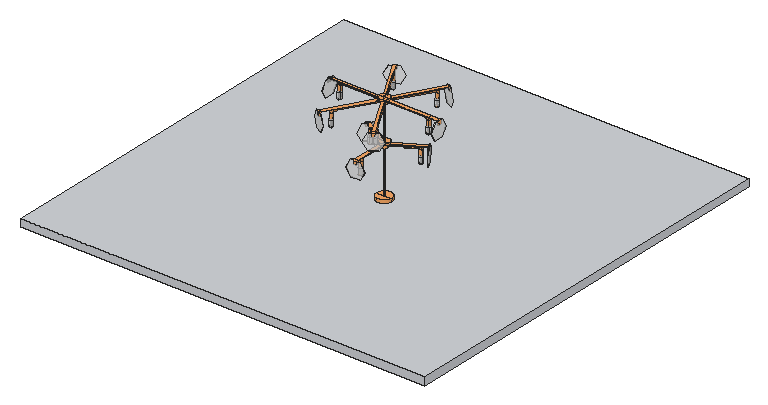
Revit family "P400217-109", category Lighting Fixtures, host Face, Revit 2014
Parameters (values of type "P400217-109")
  Watts = 60 W
  Wattage Comments = "60W"
  Warranty = "1 year Warranty"  # constant formula
  Voltage = 120 V
  URL = "https://www.hubbell.com/progresslighting/en"
  Steel = Paint - Hubbell - Matte White
  Product Link = "https://www.hubbell.com/progresslighting/en/Products/Lighting-Controls/Design-Series/Chandeliers/Rae-Collection-Nine-Light-Chandelier/p/3980544"
  Product Documentation Link = "https://hubbellcdn.com/specsheet/PROG_P400217-109_spec.pdf"
  Power Factor = 1
  Model = "P400217-109"  # constant formula
  Manufacturer = "Progress Lighting"  # constant formula
  Load Classification = Lighting
  Gold = Hubbell - Gold
  Glass = Paint - Hubbell - White Texture
  Width = 6.00"
  Lamp = "LED or Medium Base"  # constant formula
  Housing Material = Hubbell - Gold
  Fixture distribution = "Direct"  # constant formula
  Features = "• Sculpted hand artisan frame.\r\n• Glowing golden brushed bronze finish.\r\n• Geometric white alabaster shades.\r\n• Ideal for any dining room, kitchen, or foyer.\r\n• Perfect for luxe, mid-century modern, and modern style settings.\r\n• 1-Year Limited Warranty\r\n• For optimal illumination, use nine candelabra base bulbs (60w max - LED or incandescent)\r\n• Fully dimmable with dimmable bulbs\r\n• Able to be fully dimmable with dimmable bulbs.\r\n• Includes installation instructions and mounting hardware.\r\n• Progress Lighting products are designed for exceptional quality, reliability, and functionality."  # constant formula
  Height = 26.50"
  Description = "Execute bold visions and design statements with the Rae Collection’s Nine\r\nLight Chandelier. A blend of geometric shapes and a sculpted hand artisan\r\nframe allows this light fixture to double as a stunning work of art. A glowing golden finish brings this modern chandelier to life for an awe-inspiring\r\nlighting experience guaranteed to spark conversation amongst your gazing\r\nguests."  # constant formula
  Default Elevation = 48.00"
  Copyright = " ©2020 Progress Lighting, a division of Hubbell Lighting, Inc"  # constant formula
  Contact = "https://www.hubbell.com/progresslighting/en/contactUs"
  Connector Description = ""
  Assembly Code = "D5020200"
  Apparent Load = Watts / Power Factor  # 60 VA
Reference planes (in)
  plane 1 "Center (Front/Back)": y = 0
  plane 2: z = 0.5561
  plane 3 "Center (Left/Right)": x = 0
  plane 4: x = 13.44
  plane 5: x = -13.44
  plane 6: y = -13.44
  plane 7: y = 13.44
Forms (in)
  Extrusion 1, solid
    sketch origin (0, 0, 0) x (1, 0, 0) y (0, 1, 0)
      loop
        line (-48, 48) -> (-48, -48) -> (48, -48) -> (48, 48) -> (-48, 48)
    from 0.5561 to -1.25
  Revolve 2, solid, material "Hubbell - Gold" <- "Housing Material"
    sketch origin (0.00307, -0.00024, 29.51348) x (-1, 0, 0) y (0, 0, -1)
      loop
        line (0.17323, 8.50425) -> (0.17323, 16.73429) -> (1.2407, 16.73429) -> (1.2407, 16.89054) -> (0.7407, 16.89054) -> (0.7407, 17.85929) -> (0.17323, 17.85929) -> (0.17323, 28.32545) -> (1.75307, 28.32545) -> (1.75307, 28.95738) -> (0, 28.95738) -> (0, 7.26121) -> (0.1084, 7.26121) -> (0.1084, 7.37925) -> (1.2407, 7.37925) -> (1.2407, 7.5355) -> (0.7407, 7.5355) -> (0.7407, 8.50425) -> (0.17323, 8.50425)
      axis (0, 28.95738) -> (0, 7.26121)
    angle from 0 to 360
  Revolve 3, solid, material "Hubbell - Gold" <- "Housing Material"
    sketch origin (6.47922, 2.93918, 1.5625) x (0.809017, -0.587785, 0) y (0, 0, -1)
      loop
        line (5.38569, -19.49992) -> (5.38569, -18.32394) -> (5.30384, -18.32394) -> (5.30384, -18.16231) -> (5.03246, -18.16231) -> (5.03246, -20.08618) -> (5.30533, -20.08618) -> (5.30533, -19.49992) -> (5.38569, -19.49992)
      axis (5.03246, -20.08618) -> (5.03246, -18.16231)
    angle from 0 to 360
  Revolve 4, solid, material "Paint - Hubbell - White Texture" <- "Glass"
    sketch origin (6.47922, 2.93918, 0.9375) x (0.809017, -0.587785, 0) y (0, 0, -1)
      loop
        line (5.03246, -18.78731) -> (5.23875, -18.78731)
        arc (5.23875, -18.78731) -> (5.42026, -18.72531) -> (5.52593, -18.56522) r 0.29672
        line (5.52593, -18.56522) -> (5.52593, -17.17424)
        arc (5.52593, -17.17424) -> (5.50236, -17.09223) -> (5.43884, -17.03526) r 0.15444
        arc (5.43884, -17.03526) -> (5.24045, -16.95736) -> (5.03246, -16.91084) r 1.38418
        line (5.03246, -16.91084) -> (5.03246, -18.78731)
      axis (5.03246, -18.78731) -> (5.03246, -16.91084)
    angle from 0 to 360
  Revolve 5, solid, material "Hubbell - Gold" <- "Gold"
    sketch origin (6.47922, 2.93918, 0.9375) x (0.809017, -0.587785, 0) y (0, 0, -1)
      loop
        line (5.03246, -18.78731) -> (5.18492, -18.78731) -> (5.18492, -18.47069)
        arc (5.18492, -18.47069) -> (5.1355, -18.45022) -> (5.11503, -18.40079) r 0.06989
        arc (5.11503, -18.40079) -> (5.12069, -18.36314) -> (5.13717, -18.32881) r 0.1281
        arc (5.13717, -18.32881) -> (5.13812, -18.31157) -> (5.12333, -18.30267) r 0.01673
        line (5.12333, -18.30267) -> (5.03246, -18.30267) -> (5.03246, -18.78731)
      axis (5.03246, -18.78731) -> (5.03246, -18.30267)
    angle from 0 to 360
  Sweep 6, solid, material "Hubbell - Gold" <- "Gold"
    path origin (6.47922, 2.93918, 0.9375) x (0.809017, -0.587785, 0) y (0, 0, -1)
      loop
        line (5.08455, -18.29601) -> (5.32306, -17.06897)
    profile origin (10.68919, -0.11954, 18.61999) x (-0.794153, 0.576986, -0.190809) y (0.587785, 0.809017, 0)
      loop
        circle (0, 0.00555) r 0.031
  Sweep 7, solid, material "Hubbell - Gold" <- "Gold"
    path origin (10.02568, -5.02629, 0.9375) x (0.104528, 0.994522, 0) y (0, 0, -1)
      loop
        line (5.08455, -18.29601) -> (5.32306, -17.06897)
    profile origin (10.56962, 0.14901, 18.61999) x (-0.102608, -0.97625, -0.190809) y (-0.994522, 0.104528, 0)
      loop
        circle (0, 0.00555) r 0.031
  Sweep 8, solid, material "Hubbell - Gold" <- "Gold"
    path origin (15.15542, 2.01727, 0.9375) x (-0.913545, -0.406737, 0) y (0, 0, -1)
      loop
        line (5.08455, -18.29601) -> (5.32306, -17.06897)
    profile origin (10.40151, -0.09931, 18.61999) x (0.896761, 0.399264, -0.190809) y (0.406737, -0.913545, 0)
      loop
        circle (0, 0.00555) r 0.031
  Sweep 9, solid, material "Hubbell - Gold" <- "Housing Material"
    path origin (-0.125, 0, -3.875) x (-1, 0, 0) y (0, 0, 1)
      loop
        line (-0.69827, 25.23016) -> (-10.44827, 25.23016)
    profile origin (5.44827, 0, 21.35516) x (0, 0, -1) y (0, 1, 0)
      loop
        circle (0, 0) r 0.1
  Sweep 10, solid, material "Hubbell - Gold" <- "Housing Material"
    path origin (0, 0, 0) x (1, 0, 0) y (0, 0, 1)
      loop
        line (0.75, 21.75923) -> (12.84955, 21.75923)
        arc (12.84955, 21.75923) -> (12.95594, 21.71516) -> (13, 21.60878) r 0.15045
        line (13, 21.60878) -> (13, 20.50923)
    profile origin (6.79978, 0, 21.75923) x (0, 0, 1) y (0, -1, 0)
      loop
        line (0, -0.44104) -> (0.06403, -0.44104) -> (0.06403, 0.44104) -> (0, 0.44104) -> (0, -0.44104)
  Extrusion 11, void
    sketch origin (0, 0, 0.17188) x (0, 1, 0) y (0, 0, 1)
      loop
        line (0.65123, 21.4163) -> (0.44104, 21.4163) -> (0.28736, 20.75066) -> (0, 20.75066) -> (-0.28736, 20.75066) -> (-0.44104, 21.4163) -> (-0.65123, 21.4163) -> (-0.65123, 20.26308) -> (0, 20.26308) -> (0.65123, 20.26308) -> (0.65123, 21.4163)
    from 13 to 13.06403
  Extrusion 12, solid, material "Paint - Hubbell - White Texture" <- "Glass"
    sketch origin (0, 0, 0) x (0, 1, 0) y (0, 0, 1)
      loop
        line (-1.11539, 21.60658) -> (-2.23118, 19.67397) -> (-1.11539, 17.74136) -> (1.11619, 17.74136) -> (2.23199, 19.67397) -> (1.11619, 21.60658) -> (-1.11539, 21.60658)
    from 12.91346 to 13
  Extrusion 13, solid, material "Hubbell - Gold" <- "Housing Material"
    sketch origin (0, 0, 0) x (0, 1, 0) y (0, 0, 1)
      loop
        circle (0, 21.52198) r 0.04543
      loop
        circle (0, 21.32284) r 0.04543
    from 12.83751 to 13
  Revolve 14, solid, material "Hubbell - Gold" <- "Housing Material"
    sketch origin (5.78502, -4.14158, 1.5625) x (-0.104528, -0.994522, 0) y (0, 0, -1)
      loop
        line (5.38569, -19.49992) -> (5.38569, -18.32394) -> (5.30384, -18.32394) -> (5.30384, -18.16231) -> (5.03246, -18.16231) -> (5.03246, -20.08618) -> (5.30533, -20.08618) -> (5.30533, -19.49992) -> (5.38569, -19.49992)
      axis (5.03246, -20.08618) -> (5.03246, -18.16231)
    angle from 0 to 360
  Revolve 15, solid, material "Paint - Hubbell - White Texture" <- "Glass"
    sketch origin (5.78502, -4.14158, 0.9375) x (-0.104528, -0.994522, 0) y (0, 0, -1)
      loop
        line (5.03246, -18.78731) -> (5.23875, -18.78731)
        arc (5.23875, -18.78731) -> (5.42026, -18.72531) -> (5.52593, -18.56522) r 0.29672
        line (5.52593, -18.56522) -> (5.52593, -17.17424)
        arc (5.52593, -17.17424) -> (5.50236, -17.09223) -> (5.43884, -17.03526) r 0.15444
        arc (5.43884, -17.03526) -> (5.24045, -16.95736) -> (5.03246, -16.91084) r 1.38418
        line (5.03246, -16.91084) -> (5.03246, -18.78731)
      axis (5.03246, -18.78731) -> (5.03246, -16.91084)
    angle from 0 to 360
  Revolve 16, solid, material "Hubbell - Gold" <- "Gold"
    sketch origin (5.78502, -4.14158, 0.9375) x (-0.104528, -0.994522, 0) y (0, 0, -1)
      loop
        line (5.03246, -18.78731) -> (5.18492, -18.78731) -> (5.18492, -18.47069)
        arc (5.18492, -18.47069) -> (5.1355, -18.45022) -> (5.11503, -18.40079) r 0.06989
        arc (5.11503, -18.40079) -> (5.12069, -18.36314) -> (5.13717, -18.32881) r 0.1281
        arc (5.13717, -18.32881) -> (5.13812, -18.31157) -> (5.12333, -18.30267) r 0.01673
        line (5.12333, -18.30267) -> (5.03246, -18.30267) -> (5.03246, -18.78731)
      axis (5.03246, -18.78731) -> (5.03246, -18.30267)
    angle from 0 to 360
  Sweep 17, solid, material "Hubbell - Gold" <- "Gold"
    path origin (5.78502, -4.14158, 0.9375) x (-0.104528, -0.994522, 0) y (0, 0, -1)
      loop
        line (5.08455, -18.29601) -> (5.32306, -17.06897)
    profile origin (5.24107, -9.31687, 18.61999) x (0.102608, 0.97625, -0.190809) y (0.994522, -0.104528, 0)
      loop
        circle (0, 0.00555) r 0.031
  Sweep 18, solid, material "Hubbell - Gold" <- "Gold"
    path origin (0.65994, -11.19563, 0.9375) x (0.913545, 0.406737, 0) y (0, 0, -1)
      loop
        line (5.08455, -18.29601) -> (5.32306, -17.06897)
    profile origin (5.41386, -9.07906, 18.61999) x (-0.896761, -0.399264, -0.190809) y (-0.406737, 0.913545, 0)
      loop
        circle (0, 0.00555) r 0.031
  Sweep 19, solid, material "Hubbell - Gold" <- "Gold"
    path origin (9.32472, -12.11635, 0.9375) x (-0.809017, 0.587785, 0) y (0, 0, -1)
      loop
        line (5.08455, -18.29601) -> (5.32306, -17.06897)
    profile origin (5.11475, -9.05763, 18.61999) x (0.794153, -0.576986, -0.190809) y (-0.587785, -0.809017, 0)
      loop
        circle (0, 0.00555) r 0.031
  Sweep 20, solid, material "Hubbell - Gold" <- "Housing Material"
    path origin (-0.0625, 0.10825, -3.875) x (-0.5, 0.866025, 0) y (0, 0, 1)
      loop
        line (-0.69827, 25.23016) -> (-10.44827, 25.23016)
    profile origin (2.72414, -4.71834, 21.35516) x (0, 0, -1) y (0.866025, 0.5, 0)
      loop
        circle (0, 0) r 0.1
  Sweep 21, solid, material "Hubbell - Gold" <- "Housing Material"
    path origin (0, 0, 0) x (0.5, -0.866025, 0) y (0, 0, 1)
      loop
        line (0.75, 21.75923) -> (12.84955, 21.75923)
        arc (12.84955, 21.75923) -> (12.95594, 21.71516) -> (13, 21.60878) r 0.15045
        line (13, 21.60878) -> (13, 20.50923)
    profile origin (3.39989, -5.88878, 21.75923) x (0, 0, 1) y (-0.866025, -0.5, 0)
      loop
        line (0, -0.44104) -> (0.06403, -0.44104) -> (0.06403, 0.44104) -> (0, 0.44104) -> (0, -0.44104)
  Extrusion 22, void
    sketch origin (0, 0, 0.17188) x (0.866025, 0.5, 0) y (0, 0, 1)
      loop
        line (0.65123, 21.4163) -> (0.44104, 21.4163) -> (0.28736, 20.75066) -> (0, 20.75066) -> (-0.28736, 20.75066) -> (-0.44104, 21.4163) -> (-0.65123, 21.4163) -> (-0.65123, 20.26308) -> (0, 20.26308) -> (0.65123, 20.26308) -> (0.65123, 21.4163)
    from 13 to 13.06403
  Extrusion 23, solid, material "Paint - Hubbell - White Texture" <- "Glass"
    sketch origin (0, 0, 0) x (0.866025, 0.5, 0) y (0, 0, 1)
      loop
        line (-1.11539, 21.60658) -> (-2.23118, 19.67397) -> (-1.11539, 17.74136) -> (1.11619, 17.74136) -> (2.23199, 19.67397) -> (1.11619, 21.60658) -> (-1.11539, 21.60658)
    from 12.91346 to 13
  Extrusion 24, solid, material "Hubbell - Gold" <- "Housing Material"
    sketch origin (0, 0, 0) x (0.866025, 0.5, 0) y (0, 0, 1)
      loop
        circle (0, 21.52198) r 0.04543
      loop
        circle (0, 21.32284) r 0.04543
    from 12.83751 to 13
  Revolve 25, solid, material "Hubbell - Gold" <- "Housing Material"
    sketch origin (-0.6942, -7.08076, 1.5625) x (-0.913545, -0.406737, 0) y (0, 0, -1)
      loop
        line (5.38569, -19.49992) -> (5.38569, -18.32394) -> (5.30384, -18.32394) -> (5.30384, -18.16231) -> (5.03246, -18.16231) -> (5.03246, -20.08618) -> (5.30533, -20.08618) -> (5.30533, -19.49992) -> (5.38569, -19.49992)
      axis (5.03246, -20.08618) -> (5.03246, -18.16231)
    angle from 0 to 360
  Revolve 26, solid, material "Paint - Hubbell - White Texture" <- "Glass"
    sketch origin (-0.6942, -7.08076, 0.9375) x (-0.913545, -0.406737, 0) y (0, 0, -1)
      loop
        line (5.03246, -18.78731) -> (5.23875, -18.78731)
        arc (5.23875, -18.78731) -> (5.42026, -18.72531) -> (5.52593, -18.56522) r 0.29672
        line (5.52593, -18.56522) -> (5.52593, -17.17424)
        arc (5.52593, -17.17424) -> (5.50236, -17.09223) -> (5.43884, -17.03526) r 0.15444
        arc (5.43884, -17.03526) -> (5.24045, -16.95736) -> (5.03246, -16.91084) r 1.38418
        line (5.03246, -16.91084) -> (5.03246, -18.78731)
      axis (5.03246, -18.78731) -> (5.03246, -16.91084)
    angle from 0 to 360
  Revolve 27, solid, material "Hubbell - Gold" <- "Gold"
    sketch origin (-0.6942, -7.08076, 0.9375) x (-0.913545, -0.406737, 0) y (0, 0, -1)
      loop
        line (5.03246, -18.78731) -> (5.18492, -18.78731) -> (5.18492, -18.47069)
        arc (5.18492, -18.47069) -> (5.1355, -18.45022) -> (5.11503, -18.40079) r 0.06989
        arc (5.11503, -18.40079) -> (5.12069, -18.36314) -> (5.13717, -18.32881) r 0.1281
        arc (5.13717, -18.32881) -> (5.13812, -18.31157) -> (5.12333, -18.30267) r 0.01673
        line (5.12333, -18.30267) -> (5.03246, -18.30267) -> (5.03246, -18.78731)
      axis (5.03246, -18.78731) -> (5.03246, -18.30267)
    angle from 0 to 360
  Sweep 28, solid, material "Hubbell - Gold" <- "Gold"
    path origin (-0.6942, -7.08076, 0.9375) x (-0.913545, -0.406737, 0) y (0, 0, -1)
      loop
        line (5.08455, -18.29601) -> (5.32306, -17.06897)
    profile origin (-5.44811, -9.19734, 18.61999) x (0.896761, 0.399264, -0.190809) y (0.406737, -0.913545, 0)
      loop
        circle (0, 0.00555) r 0.031
  Sweep 29, solid, material "Hubbell - Gold" <- "Gold"
    path origin (-9.36573, -6.16935, 0.9375) x (0.809017, -0.587785, 0) y (0, 0, -1)
      loop
        line (5.08455, -18.29601) -> (5.32306, -17.06897)
    profile origin (-5.15577, -9.22807, 18.61999) x (-0.794153, 0.576986, -0.190809) y (0.587785, 0.809017, 0)
      loop
        circle (0, 0.00555) r 0.031
  Sweep 30, solid, material "Hubbell - Gold" <- "Gold"
    path origin (-5.83071, -14.13362, 0.9375) x (0.104528, 0.994522, 0) y (0, 0, -1)
      loop
        line (5.08455, -18.29601) -> (5.32306, -17.06897)
    profile origin (-5.28676, -8.95832, 18.61999) x (-0.102608, -0.97625, -0.190809) y (-0.994522, 0.104528, 0)
      loop
        circle (0, 0.00555) r 0.031
  Sweep 31, solid, material "Hubbell - Gold" <- "Housing Material"
    path origin (0.0625, 0.10825, -3.875) x (0.5, 0.866025, 0) y (0, 0, 1)
      loop
        line (-0.69827, 25.23016) -> (-10.44827, 25.23016)
    profile origin (-2.72414, -4.71834, 21.35516) x (0, 0, -1) y (0.866025, -0.5, 0)
      loop
        circle (0, 0) r 0.1
  Sweep 32, solid, material "Hubbell - Gold" <- "Housing Material"
    path origin (0, 0, 0) x (-0.5, -0.866025, 0) y (0, 0, 1)
      loop
        line (0.75, 21.75923) -> (12.84955, 21.75923)
        arc (12.84955, 21.75923) -> (12.95594, 21.71516) -> (13, 21.60878) r 0.15045
        line (13, 21.60878) -> (13, 20.50923)
    profile origin (-3.39989, -5.88878, 21.75923) x (0, 0, 1) y (-0.866025, 0.5, 0)
      loop
        line (0, -0.44104) -> (0.06403, -0.44104) -> (0.06403, 0.44104) -> (0, 0.44104) -> (0, -0.44104)
  Extrusion 33, void
    sketch origin (0, 0, 0.17188) x (0.866025, -0.5, 0) y (0, 0, 1)
      loop
        line (0.65123, 21.4163) -> (0.44104, 21.4163) -> (0.28736, 20.75066) -> (0, 20.75066) -> (-0.28736, 20.75066) -> (-0.44104, 21.4163) -> (-0.65123, 21.4163) -> (-0.65123, 20.26308) -> (0, 20.26308) -> (0.65123, 20.26308) -> (0.65123, 21.4163)
    from 13 to 13.06403
  Extrusion 34, solid, material "Paint - Hubbell - White Texture" <- "Glass"
    sketch origin (0, 0, 0) x (0.866025, -0.5, 0) y (0, 0, 1)
      loop
        line (-1.11539, 21.60658) -> (-2.23118, 19.67397) -> (-1.11539, 17.74136) -> (1.11619, 17.74136) -> (2.23199, 19.67397) -> (1.11619, 21.60658) -> (-1.11539, 21.60658)
    from 12.91346 to 13
  Extrusion 35, solid, material "Hubbell - Gold" <- "Housing Material"
    sketch origin (0, 0, 0) x (0.866025, -0.5, 0) y (0, 0, 1)
      loop
        circle (0, 21.52198) r 0.04543
      loop
        circle (0, 21.32284) r 0.04543
    from 12.83751 to 13
  Revolve 36, solid, material "Hubbell - Gold" <- "Housing Material"
    sketch origin (-6.47922, -2.93918, 1.5625) x (-0.809017, 0.587785, 0) y (0, 0, -1)
      loop
        line (5.38569, -19.49992) -> (5.38569, -18.32394) -> (5.30384, -18.32394) -> (5.30384, -18.16231) -> (5.03246, -18.16231) -> (5.03246, -20.08618) -> (5.30533, -20.08618) -> (5.30533, -19.49992) -> (5.38569, -19.49992)
      axis (5.03246, -20.08618) -> (5.03246, -18.16231)
    angle from 0 to 360
  Revolve 37, solid, material "Paint - Hubbell - White Texture" <- "Glass"
    sketch origin (-6.47922, -2.93918, 0.9375) x (-0.809017, 0.587785, 0) y (0, 0, -1)
      loop
        line (5.03246, -18.78731) -> (5.23875, -18.78731)
        arc (5.23875, -18.78731) -> (5.42026, -18.72531) -> (5.52593, -18.56522) r 0.29672
        line (5.52593, -18.56522) -> (5.52593, -17.17424)
        arc (5.52593, -17.17424) -> (5.50236, -17.09223) -> (5.43884, -17.03526) r 0.15444
        arc (5.43884, -17.03526) -> (5.24045, -16.95736) -> (5.03246, -16.91084) r 1.38418
        line (5.03246, -16.91084) -> (5.03246, -18.78731)
      axis (5.03246, -18.78731) -> (5.03246, -16.91084)
    angle from 0 to 360
  Revolve 38, solid, material "Hubbell - Gold" <- "Gold"
    sketch origin (-6.47922, -2.93918, 0.9375) x (-0.809017, 0.587785, 0) y (0, 0, -1)
      loop
        line (5.03246, -18.78731) -> (5.18492, -18.78731) -> (5.18492, -18.47069)
        arc (5.18492, -18.47069) -> (5.1355, -18.45022) -> (5.11503, -18.40079) r 0.06989
        arc (5.11503, -18.40079) -> (5.12069, -18.36314) -> (5.13717, -18.32881) r 0.1281
        arc (5.13717, -18.32881) -> (5.13812, -18.31157) -> (5.12333, -18.30267) r 0.01673
        line (5.12333, -18.30267) -> (5.03246, -18.30267) -> (5.03246, -18.78731)
      axis (5.03246, -18.78731) -> (5.03246, -18.30267)
    angle from 0 to 360
  Sweep 39, solid, material "Hubbell - Gold" <- "Gold"
    path origin (-6.47922, -2.93918, 0.9375) x (-0.809017, 0.587785, 0) y (0, 0, -1)
      loop
        line (5.08455, -18.29601) -> (5.32306, -17.06897)
    profile origin (-10.68919, 0.11954, 18.61999) x (0.794153, -0.576986, -0.190809) y (-0.587785, -0.809017, 0)
      loop
        circle (0, 0.00555) r 0.031
  Sweep 40, solid, material "Hubbell - Gold" <- "Gold"
    path origin (-10.02568, 5.02629, 0.9375) x (-0.104528, -0.994522, 0) y (0, 0, -1)
      loop
        line (5.08455, -18.29601) -> (5.32306, -17.06897)
    profile origin (-10.56962, -0.14901, 18.61999) x (0.102608, 0.97625, -0.190809) y (0.994522, -0.104528, 0)
      loop
        circle (0, 0.00555) r 0.031
  Sweep 41, solid, material "Hubbell - Gold" <- "Gold"
    path origin (-15.15542, -2.01727, 0.9375) x (0.913545, 0.406737, 0) y (0, 0, -1)
      loop
        line (5.08455, -18.29601) -> (5.32306, -17.06897)
    profile origin (-10.40151, 0.09931, 18.61999) x (-0.896761, -0.399264, -0.190809) y (-0.406737, 0.913545, 0)
      loop
        circle (0, 0.00555) r 0.031
  Sweep 42, solid, material "Hubbell - Gold" <- "Housing Material"
    path origin (0.125, 0, -3.875) x (1, 0, 0) y (0, 0, 1)
      loop
        line (-0.69827, 25.23016) -> (-10.44827, 25.23016)
    profile origin (-5.44827, 0, 21.35516) x (0, 0, -1) y (0, -1, 0)
      loop
        circle (0, 0) r 0.1
  Sweep 43, solid, material "Hubbell - Gold" <- "Housing Material"
    path origin (0, 0, 0) x (-1, 0, 0) y (0, 0, 1)
      loop
        line (0.75, 21.75923) -> (12.84955, 21.75923)
        arc (12.84955, 21.75923) -> (12.95594, 21.71516) -> (13, 21.60878) r 0.15045
        line (13, 21.60878) -> (13, 20.50923)
    profile origin (-6.79978, 0, 21.75923) x (0, 0, 1) y (0, 1, 0)
      loop
        line (0, -0.44104) -> (0.06403, -0.44104) -> (0.06403, 0.44104) -> (0, 0.44104) -> (0, -0.44104)
  Extrusion 44, void
    sketch origin (0, 0, 0.17188) x (0, -1, 0) y (0, 0, 1)
      loop
        line (0.65123, 21.4163) -> (0.44104, 21.4163) -> (0.28736, 20.75066) -> (0, 20.75066) -> (-0.28736, 20.75066) -> (-0.44104, 21.4163) -> (-0.65123, 21.4163) -> (-0.65123, 20.26308) -> (0, 20.26308) -> (0.65123, 20.26308) -> (0.65123, 21.4163)
    from 13 to 13.06403
  Extrusion 45, solid, material "Paint - Hubbell - White Texture" <- "Glass"
    sketch origin (0, 0, 0) x (0, -1, 0) y (0, 0, 1)
      loop
        line (-1.11539, 21.60658) -> (-2.23118, 19.67397) -> (-1.11539, 17.74136) -> (1.11619, 17.74136) -> (2.23199, 19.67397) -> (1.11619, 21.60658) -> (-1.11539, 21.60658)
    from 12.91346 to 13
  Extrusion 46, solid, material "Hubbell - Gold" <- "Housing Material"
    sketch origin (0, 0, 0) x (0, -1, 0) y (0, 0, 1)
      loop
        circle (0, 21.52198) r 0.04543
      loop
        circle (0, 21.32284) r 0.04543
    from 12.83751 to 13
  Revolve 47, solid, material "Hubbell - Gold" <- "Housing Material"
    sketch origin (-5.78502, 4.14158, 1.5625) x (0.104528, 0.994522, 0) y (0, 0, -1)
      loop
        line (5.38569, -19.49992) -> (5.38569, -18.32394) -> (5.30384, -18.32394) -> (5.30384, -18.16231) -> (5.03246, -18.16231) -> (5.03246, -20.08618) -> (5.30533, -20.08618) -> (5.30533, -19.49992) -> (5.38569, -19.49992)
      axis (5.03246, -20.08618) -> (5.03246, -18.16231)
    angle from 0 to 360
  Revolve 48, solid, material "Paint - Hubbell - White Texture" <- "Glass"
    sketch origin (-5.78502, 4.14158, 0.9375) x (0.104528, 0.994522, 0) y (0, 0, -1)
      loop
        line (5.03246, -18.78731) -> (5.23875, -18.78731)
        arc (5.23875, -18.78731) -> (5.42026, -18.72531) -> (5.52593, -18.56522) r 0.29672
        line (5.52593, -18.56522) -> (5.52593, -17.17424)
        arc (5.52593, -17.17424) -> (5.50236, -17.09223) -> (5.43884, -17.03526) r 0.15444
        arc (5.43884, -17.03526) -> (5.24045, -16.95736) -> (5.03246, -16.91084) r 1.38418
        line (5.03246, -16.91084) -> (5.03246, -18.78731)
      axis (5.03246, -18.78731) -> (5.03246, -16.91084)
    angle from 0 to 360
  Revolve 49, solid, material "Hubbell - Gold" <- "Gold"
    sketch origin (-5.78502, 4.14158, 0.9375) x (0.104528, 0.994522, 0) y (0, 0, -1)
      loop
        line (5.03246, -18.78731) -> (5.18492, -18.78731) -> (5.18492, -18.47069)
        arc (5.18492, -18.47069) -> (5.1355, -18.45022) -> (5.11503, -18.40079) r 0.06989
        arc (5.11503, -18.40079) -> (5.12069, -18.36314) -> (5.13717, -18.32881) r 0.1281
        arc (5.13717, -18.32881) -> (5.13812, -18.31157) -> (5.12333, -18.30267) r 0.01673
        line (5.12333, -18.30267) -> (5.03246, -18.30267) -> (5.03246, -18.78731)
      axis (5.03246, -18.78731) -> (5.03246, -18.30267)
    angle from 0 to 360
  Sweep 50, solid, material "Hubbell - Gold" <- "Gold"
    path origin (-5.78502, 4.14158, 0.9375) x (0.104528, 0.994522, 0) y (0, 0, -1)
      loop
        line (5.08455, -18.29601) -> (5.32306, -17.06897)
    profile origin (-5.24107, 9.31687, 18.61999) x (-0.102608, -0.97625, -0.190809) y (-0.994522, 0.104528, 0)
      loop
        circle (0, 0.00555) r 0.031
  Sweep 51, solid, material "Hubbell - Gold" <- "Gold"
    path origin (-0.65994, 11.19563, 0.9375) x (-0.913545, -0.406737, 0) y (0, 0, -1)
      loop
        line (5.08455, -18.29601) -> (5.32306, -17.06897)
    profile origin (-5.41386, 9.07906, 18.61999) x (0.896761, 0.399264, -0.190809) y (0.406737, -0.913545, 0)
      loop
        circle (0, 0.00555) r 0.031
  Sweep 52, solid, material "Hubbell - Gold" <- "Gold"
    path origin (-9.32472, 12.11635, 0.9375) x (0.809017, -0.587785, 0) y (0, 0, -1)
      loop
        line (5.08455, -18.29601) -> (5.32306, -17.06897)
    profile origin (-5.11475, 9.05763, 18.61999) x (-0.794153, 0.576986, -0.190809) y (0.587785, 0.809017, 0)
      loop
        circle (0, 0.00555) r 0.031
  Sweep 53, solid, material "Hubbell - Gold" <- "Housing Material"
    path origin (0.0625, -0.10825, -3.875) x (0.5, -0.866025, 0) y (0, 0, 1)
      loop
        line (-0.69827, 25.23016) -> (-10.44827, 25.23016)
    profile origin (-2.72414, 4.71834, 21.35516) x (0, 0, -1) y (-0.866025, -0.5, 0)
      loop
        circle (0, 0) r 0.1
  Sweep 54, solid, material "Hubbell - Gold" <- "Housing Material"
    path origin (0, 0, 0) x (-0.5, 0.866025, 0) y (0, 0, 1)
      loop
        line (0.75, 21.75923) -> (12.84955, 21.75923)
        arc (12.84955, 21.75923) -> (12.95594, 21.71516) -> (13, 21.60878) r 0.15045
        line (13, 21.60878) -> (13, 20.50923)
    profile origin (-3.39989, 5.88878, 21.75923) x (0, 0, 1) y (0.866025, 0.5, 0)
      loop
        line (0, -0.44104) -> (0.06403, -0.44104) -> (0.06403, 0.44104) -> (0, 0.44104) -> (0, -0.44104)
  Extrusion 55, void
    sketch origin (0, 0, 0.17188) x (-0.866025, -0.5, 0) y (0, 0, 1)
      loop
        line (0.65123, 21.4163) -> (0.44104, 21.4163) -> (0.28736, 20.75066) -> (0, 20.75066) -> (-0.28736, 20.75066) -> (-0.44104, 21.4163) -> (-0.65123, 21.4163) -> (-0.65123, 20.26308) -> (0, 20.26308) -> (0.65123, 20.26308) -> (0.65123, 21.4163)
    from 13 to 13.06403
  Extrusion 56, solid, material "Paint - Hubbell - White Texture" <- "Glass"
    sketch origin (0, 0, 0) x (-0.866025, -0.5, 0) y (0, 0, 1)
      loop
        line (-1.11539, 21.60658) -> (-2.23118, 19.67397) -> (-1.11539, 17.74136) -> (1.11619, 17.74136) -> (2.23199, 19.67397) -> (1.11619, 21.60658) -> (-1.11539, 21.60658)
    from 12.91346 to 13
  Extrusion 57, solid, material "Hubbell - Gold" <- "Housing Material"
    sketch origin (0, 0, 0) x (-0.866025, -0.5, 0) y (0, 0, 1)
      loop
        circle (0, 21.52198) r 0.04543
      loop
        circle (0, 21.32284) r 0.04543
    from 12.83751 to 13
  Revolve 58, solid, material "Hubbell - Gold" <- "Housing Material"
    sketch origin (0.6942, 7.08076, 1.5625) x (0.913545, 0.406737, 0) y (0, 0, -1)
      loop
        line (5.38569, -19.49992) -> (5.38569, -18.32394) -> (5.30384, -18.32394) -> (5.30384, -18.16231) -> (5.03246, -18.16231) -> (5.03246, -20.08618) -> (5.30533, -20.08618) -> (5.30533, -19.49992) -> (5.38569, -19.49992)
      axis (5.03246, -20.08618) -> (5.03246, -18.16231)
    angle from 0 to 360
  Revolve 59, solid, material "Paint - Hubbell - White Texture" <- "Glass"
    sketch origin (0.6942, 7.08076, 0.9375) x (0.913545, 0.406737, 0) y (0, 0, -1)
      loop
        line (5.03246, -18.78731) -> (5.23875, -18.78731)
        arc (5.23875, -18.78731) -> (5.42026, -18.72531) -> (5.52593, -18.56522) r 0.29672
        line (5.52593, -18.56522) -> (5.52593, -17.17424)
        arc (5.52593, -17.17424) -> (5.50236, -17.09223) -> (5.43884, -17.03526) r 0.15444
        arc (5.43884, -17.03526) -> (5.24045, -16.95736) -> (5.03246, -16.91084) r 1.38418
        line (5.03246, -16.91084) -> (5.03246, -18.78731)
      axis (5.03246, -18.78731) -> (5.03246, -16.91084)
    angle from 0 to 360
  Revolve 60, solid, material "Hubbell - Gold" <- "Gold"
    sketch origin (0.6942, 7.08076, 0.9375) x (0.913545, 0.406737, 0) y (0, 0, -1)
      loop
        line (5.03246, -18.78731) -> (5.18492, -18.78731) -> (5.18492, -18.47069)
        arc (5.18492, -18.47069) -> (5.1355, -18.45022) -> (5.11503, -18.40079) r 0.06989
        arc (5.11503, -18.40079) -> (5.12069, -18.36314) -> (5.13717, -18.32881) r 0.1281
        arc (5.13717, -18.32881) -> (5.13812, -18.31157) -> (5.12333, -18.30267) r 0.01673
        line (5.12333, -18.30267) -> (5.03246, -18.30267) -> (5.03246, -18.78731)
      axis (5.03246, -18.78731) -> (5.03246, -18.30267)
    angle from 0 to 360
  Sweep 61, solid, material "Hubbell - Gold" <- "Gold"
    path origin (0.6942, 7.08076, 0.9375) x (0.913545, 0.406737, 0) y (0, 0, -1)
      loop
        line (5.08455, -18.29601) -> (5.32306, -17.06897)
    profile origin (5.44811, 9.19734, 18.61999) x (-0.896761, -0.399264, -0.190809) y (-0.406737, 0.913545, 0)
      loop
        circle (0, 0.00555) r 0.031
  Sweep 62, solid, material "Hubbell - Gold" <- "Gold"
    path origin (9.36573, 6.16935, 0.9375) x (-0.809017, 0.587785, 0) y (0, 0, -1)
      loop
        line (5.08455, -18.29601) -> (5.32306, -17.06897)
    profile origin (5.15577, 9.22807, 18.61999) x (0.794153, -0.576986, -0.190809) y (-0.587785, -0.809017, 0)
      loop
        circle (0, 0.00555) r 0.031
  Sweep 63, solid, material "Hubbell - Gold" <- "Gold"
    path origin (5.83071, 14.13362, 0.9375) x (-0.104528, -0.994522, 0) y (0, 0, -1)
      loop
        line (5.08455, -18.29601) -> (5.32306, -17.06897)
    profile origin (5.28676, 8.95832, 18.61999) x (0.102608, 0.97625, -0.190809) y (0.994522, -0.104528, 0)
      loop
        circle (0, 0.00555) r 0.031
  Sweep 64, solid, material "Hubbell - Gold" <- "Housing Material"
    path origin (-0.0625, -0.10825, -3.875) x (-0.5, -0.866025, 0) y (0, 0, 1)
      loop
        line (-0.69827, 25.23016) -> (-10.44827, 25.23016)
    profile origin (2.72414, 4.71834, 21.35516) x (0, 0, -1) y (-0.866025, 0.5, 0)
      loop
        circle (0, 0) r 0.1
  Sweep 65, solid, material "Hubbell - Gold" <- "Housing Material"
    path origin (0, 0, 0) x (0.5, 0.866025, 0) y (0, 0, 1)
      loop
        line (0.75, 21.75923) -> (12.84955, 21.75923)
        arc (12.84955, 21.75923) -> (12.95594, 21.71516) -> (13, 21.60878) r 0.15045
        line (13, 21.60878) -> (13, 20.50923)
    profile origin (3.39989, 5.88878, 21.75923) x (0, 0, 1) y (0.866025, -0.5, 0)
      loop
        line (0, -0.44104) -> (0.06403, -0.44104) -> (0.06403, 0.44104) -> (0, 0.44104) -> (0, -0.44104)
  Extrusion 66, void
    sketch origin (0, 0, 0.17188) x (-0.866025, 0.5, 0) y (0, 0, 1)
      loop
        line (0.65123, 21.4163) -> (0.44104, 21.4163) -> (0.28736, 20.75066) -> (0, 20.75066) -> (-0.28736, 20.75066) -> (-0.44104, 21.4163) -> (-0.65123, 21.4163) -> (-0.65123, 20.26308) -> (0, 20.26308) -> (0.65123, 20.26308) -> (0.65123, 21.4163)
    from 13 to 13.06403
  Extrusion 67, solid, material "Paint - Hubbell - White Texture" <- "Glass"
    sketch origin (0, 0, 0) x (-0.866025, 0.5, 0) y (0, 0, 1)
      loop
        line (-1.11539, 21.60658) -> (-2.23118, 19.67397) -> (-1.11539, 17.74136) -> (1.11619, 17.74136) -> (2.23199, 19.67397) -> (1.11619, 21.60658) -> (-1.11539, 21.60658)
    from 12.91346 to 13
  Extrusion 68, solid, material "Hubbell - Gold" <- "Housing Material"
    sketch origin (0, 0, 0) x (-0.866025, 0.5, 0) y (0, 0, 1)
      loop
        circle (0, 21.52198) r 0.04543
      loop
        circle (0, 21.32284) r 0.04543
    from 12.83751 to 13
  Revolve 69, solid, material "Hubbell - Gold" <- "Housing Material"
    sketch origin (0.982, 3.96084, -7.7988) x (0.994522, -0.104528, 0) y (0, 0, -1)
      loop
        line (5.38569, -19.49992) -> (5.38569, -18.32394) -> (5.30384, -18.32394) -> (5.30384, -18.16231) -> (5.03246, -18.16231) -> (5.03246, -20.08618) -> (5.30533, -20.08618) -> (5.30533, -19.49992) -> (5.38569, -19.49992)
      axis (5.03246, -20.08618) -> (5.03246, -18.16231)
    angle from 0 to 360
  Revolve 70, solid, material "Paint - Hubbell - White Texture" <- "Glass"
    sketch origin (0.982, 3.96084, -8.4238) x (0.994522, -0.104528, 0) y (0, 0, -1)
      loop
        line (5.03246, -18.78731) -> (5.23875, -18.78731)
        arc (5.23875, -18.78731) -> (5.42026, -18.72531) -> (5.52593, -18.56522) r 0.29672
        line (5.52593, -18.56522) -> (5.52593, -17.17424)
        arc (5.52593, -17.17424) -> (5.50236, -17.09223) -> (5.43884, -17.03526) r 0.15444
        arc (5.43884, -17.03526) -> (5.24045, -16.95736) -> (5.03246, -16.91084) r 1.38418
        line (5.03246, -16.91084) -> (5.03246, -18.78731)
      axis (5.03246, -18.78731) -> (5.03246, -16.91084)
    angle from 0 to 360
  Revolve 71, solid, material "Hubbell - Gold" <- "Gold"
    sketch origin (0.982, 3.96084, -8.4238) x (0.994522, -0.104528, 0) y (0, 0, -1)
      loop
        line (5.03246, -18.78731) -> (5.18492, -18.78731) -> (5.18492, -18.47069)
        arc (5.18492, -18.47069) -> (5.1355, -18.45022) -> (5.11503, -18.40079) r 0.06989
        arc (5.11503, -18.40079) -> (5.12069, -18.36314) -> (5.13717, -18.32881) r 0.1281
        arc (5.13717, -18.32881) -> (5.13812, -18.31157) -> (5.12333, -18.30267) r 0.01673
        line (5.12333, -18.30267) -> (5.03246, -18.30267) -> (5.03246, -18.78731)
      axis (5.03246, -18.78731) -> (5.03246, -18.30267)
    angle from 0 to 360
  Sweep 72, solid, material "Hubbell - Gold" <- "Gold"
    path origin (0.982, 3.96084, -8.4238) x (0.994522, -0.104528, 0) y (0, 0, -1)
      loop
        line (5.08455, -18.29601) -> (5.32306, -17.06897)
    profile origin (6.1573, 3.41689, 9.25869) x (-0.97625, 0.102608, -0.190809) y (0.104528, 0.994522, 0)
      loop
        circle (0, 0.00555) r 0.031
  Sweep 73, solid, material "Hubbell - Gold" <- "Gold"
    path origin (8.03606, -1.16424, -8.4238) x (-0.406737, 0.913545, 0) y (0, 0, -1)
      loop
        line (5.08455, -18.29601) -> (5.32306, -17.06897)
    profile origin (5.91948, 3.58968, 9.25869) x (0.399264, -0.896761, -0.190809) y (-0.913545, -0.406737, 0)
      loop
        circle (0, 0.00555) r 0.031
  Sweep 74, solid, material "Hubbell - Gold" <- "Gold"
    path origin (8.95678, 7.50054, -8.4238) x (-0.587785, -0.809017, 0) y (0, 0, -1)
      loop
        line (5.08455, -18.29601) -> (5.32306, -17.06897)
    profile origin (5.89806, 3.29057, 9.25869) x (0.576986, 0.794153, -0.190809) y (0.809017, -0.587785, 0)
      loop
        circle (0, 0.00555) r 0.031
  Sweep 75, solid, material "Hubbell - Gold" <- "Housing Material"
    path origin (-0.10825, -0.0625, -13.2363) x (-0.866025, -0.5, 0) y (0, 0, 1)
      loop
        line (-0.69827, 25.23016) -> (-6.94827, 25.23016)
    profile origin (3.2028, 1.84914, 11.99386) x (0, 0, -1) y (-0.5, 0.866025, 0)
      loop
        circle (0, 0) r 0.1
  Sweep 76, solid, material "Hubbell - Gold" <- "Housing Material"
    path origin (0, 0, -9.3613) x (0.866025, 0.5, 0) y (0, 0, 1)
      loop
        line (0.75, 21.75923) -> (8.34955, 21.75923)
        arc (8.34955, 21.75923) -> (8.45594, 21.71516) -> (8.5, 21.60878) r 0.15045
        line (8.5, 21.60878) -> (8.5, 20.50923)
    profile origin (3.94022, 2.27489, 12.39793) x (0, 0, 1) y (0.5, -0.866025, 0)
      loop
        line (0, -0.44104) -> (0.06403, -0.44104) -> (0.06403, 0.44104) -> (0, 0.44104) -> (0, -0.44104)
  Extrusion 77, void
    sketch origin (-3.89711, -2.25, -9.18942) x (-0.5, 0.866025, 0) y (0, 0, 1)
      loop
        line (0.65123, 21.4163) -> (0.44104, 21.4163) -> (0.28736, 20.75066) -> (0, 20.75066) -> (-0.28736, 20.75066) -> (-0.44104, 21.4163) -> (-0.65123, 21.4163) -> (-0.65123, 20.26308) -> (0, 20.26308) -> (0.65123, 20.26308) -> (0.65123, 21.4163)
    from 13 to 13.06403
  Extrusion 78, solid, material "Paint - Hubbell - White Texture" <- "Glass"
    sketch origin (-3.89711, -2.25, -9.3613) x (-0.5, 0.866025, 0) y (0, 0, 1)
      loop
        line (-1.11539, 21.60658) -> (-2.23118, 19.67397) -> (-1.11539, 17.74136) -> (1.11619, 17.74136) -> (2.23199, 19.67397) -> (1.11619, 21.60658) -> (-1.11539, 21.60658)
    from 12.91346 to 13
  Extrusion 79, solid, material "Hubbell - Gold" <- "Housing Material"
    sketch origin (-3.89711, -2.25, -9.3613) x (-0.5, 0.866025, 0) y (0, 0, 1)
      loop
        circle (0, 21.52198) r 0.04543
      loop
        circle (0, 21.32284) r 0.04543
    from 12.83751 to 13
  Revolve 80, solid, material "Hubbell - Gold" <- "Housing Material"
    sketch origin (2.93918, -2.83086, -7.7988) x (-0.587785, -0.809017, 0) y (0, 0, -1)
      loop
        line (5.38569, -19.49992) -> (5.38569, -18.32394) -> (5.30384, -18.32394) -> (5.30384, -18.16231) -> (5.03246, -18.16231) -> (5.03246, -20.08618) -> (5.30533, -20.08618) -> (5.30533, -19.49992) -> (5.38569, -19.49992)
      axis (5.03246, -20.08618) -> (5.03246, -18.16231)
    angle from 0 to 360
  Revolve 81, solid, material "Paint - Hubbell - White Texture" <- "Glass"
    sketch origin (2.93918, -2.83086, -8.4238) x (-0.587785, -0.809017, 0) y (0, 0, -1)
      loop
        line (5.03246, -18.78731) -> (5.23875, -18.78731)
        arc (5.23875, -18.78731) -> (5.42026, -18.72531) -> (5.52593, -18.56522) r 0.29672
        line (5.52593, -18.56522) -> (5.52593, -17.17424)
        arc (5.52593, -17.17424) -> (5.50236, -17.09223) -> (5.43884, -17.03526) r 0.15444
        arc (5.43884, -17.03526) -> (5.24045, -16.95736) -> (5.03246, -16.91084) r 1.38418
        line (5.03246, -16.91084) -> (5.03246, -18.78731)
      axis (5.03246, -18.78731) -> (5.03246, -16.91084)
    angle from 0 to 360
  Revolve 82, solid, material "Hubbell - Gold" <- "Gold"
    sketch origin (2.93918, -2.83086, -8.4238) x (-0.587785, -0.809017, 0) y (0, 0, -1)
      loop
        line (5.03246, -18.78731) -> (5.18492, -18.78731) -> (5.18492, -18.47069)
        arc (5.18492, -18.47069) -> (5.1355, -18.45022) -> (5.11503, -18.40079) r 0.06989
        arc (5.11503, -18.40079) -> (5.12069, -18.36314) -> (5.13717, -18.32881) r 0.1281
        arc (5.13717, -18.32881) -> (5.13812, -18.31157) -> (5.12333, -18.30267) r 0.01673
        line (5.12333, -18.30267) -> (5.03246, -18.30267) -> (5.03246, -18.78731)
      axis (5.03246, -18.78731) -> (5.03246, -18.30267)
    angle from 0 to 360
  Sweep 83, solid, material "Hubbell - Gold" <- "Gold"
    path origin (2.93918, -2.83086, -8.4238) x (-0.587785, -0.809017, 0) y (0, 0, -1)
      loop
        line (5.08455, -18.29601) -> (5.32306, -17.06897)
    profile origin (-0.11954, -7.04083, 9.25869) x (0.576986, 0.794153, -0.190809) y (0.809017, -0.587785, 0)
      loop
        circle (0, 0.00555) r 0.031
  Sweep 84, solid, material "Hubbell - Gold" <- "Gold"
    path origin (-5.02629, -6.37732, -8.4238) x (0.994522, -0.104528, 0) y (0, 0, -1)
      loop
        line (5.08455, -18.29601) -> (5.32306, -17.06897)
    profile origin (0.14901, -6.92126, 9.25869) x (-0.97625, 0.102608, -0.190809) y (0.104528, 0.994522, 0)
      loop
        circle (0, 0.00555) r 0.031
  Sweep 85, solid, material "Hubbell - Gold" <- "Gold"
    path origin (2.01727, -11.50707, -8.4238) x (-0.406737, 0.913545, 0) y (0, 0, -1)
      loop
        line (5.08455, -18.29601) -> (5.32306, -17.06897)
    profile origin (-0.09931, -6.75315, 9.25869) x (0.399264, -0.896761, -0.190809) y (-0.913545, -0.406737, 0)
      loop
        circle (0, 0.00555) r 0.031
  Sweep 86, solid, material "Hubbell - Gold" <- "Housing Material"
    path origin (0, 0.125, -13.2363) x (0, 1, 0) y (0, 0, 1)
      loop
        line (-0.69827, 25.23016) -> (-6.94827, 25.23016)
    profile origin (0, -3.69827, 11.99386) x (0, 0, -1) y (1, 0, 0)
      loop
        circle (0, 0) r 0.1
  Sweep 87, solid, material "Hubbell - Gold" <- "Housing Material"
    path origin (0, 0, -9.3613) x (0, -1, 0) y (0, 0, 1)
      loop
        line (0.75, 21.75923) -> (8.34955, 21.75923)
        arc (8.34955, 21.75923) -> (8.45594, 21.71516) -> (8.5, 21.60878) r 0.15045
        line (8.5, 21.60878) -> (8.5, 20.50923)
    profile origin (0, -4.54978, 12.39793) x (0, 0, 1) y (-1, 0, 0)
      loop
        line (0, -0.44104) -> (0.06403, -0.44104) -> (0.06403, 0.44104) -> (0, 0.44104) -> (0, -0.44104)
  Extrusion 88, void
    sketch origin (0, 4.5, -9.18942) x (1, 0, 0) y (0, 0, 1)
      loop
        line (0.65123, 21.4163) -> (0.44104, 21.4163) -> (0.28736, 20.75066) -> (0, 20.75066) -> (-0.28736, 20.75066) -> (-0.44104, 21.4163) -> (-0.65123, 21.4163) -> (-0.65123, 20.26308) -> (0, 20.26308) -> (0.65123, 20.26308) -> (0.65123, 21.4163)
    from 13 to 13.06403
  Extrusion 89, solid, material "Paint - Hubbell - White Texture" <- "Glass"
    sketch origin (0, 4.5, -9.3613) x (1, 0, 0) y (0, 0, 1)
      loop
        line (-1.11539, 21.60658) -> (-2.23118, 19.67397) -> (-1.11539, 17.74136) -> (1.11619, 17.74136) -> (2.23199, 19.67397) -> (1.11619, 21.60658) -> (-1.11539, 21.60658)
    from 12.91346 to 13
  Extrusion 90, solid, material "Hubbell - Gold" <- "Housing Material"
    sketch origin (0, 4.5, -9.3613) x (1, 0, 0) y (0, 0, 1)
      loop
        circle (0, 21.52198) r 0.04543
      loop
        circle (0, 21.32284) r 0.04543
    from 12.83751 to 13
  Revolve 91, solid, material "Hubbell - Gold" <- "Housing Material"
    sketch origin (-3.92119, -1.12998, -7.7988) x (-0.406737, 0.913545, 0) y (0, 0, -1)
      loop
        line (5.38569, -19.49992) -> (5.38569, -18.32394) -> (5.30384, -18.32394) -> (5.30384, -18.16231) -> (5.03246, -18.16231) -> (5.03246, -20.08618) -> (5.30533, -20.08618) -> (5.30533, -19.49992) -> (5.38569, -19.49992)
      axis (5.03246, -20.08618) -> (5.03246, -18.16231)
    angle from 0 to 360
  Revolve 92, solid, material "Paint - Hubbell - White Texture" <- "Glass"
    sketch origin (-3.92119, -1.12998, -8.4238) x (-0.406737, 0.913545, 0) y (0, 0, -1)
      loop
        line (5.03246, -18.78731) -> (5.23875, -18.78731)
        arc (5.23875, -18.78731) -> (5.42026, -18.72531) -> (5.52593, -18.56522) r 0.29672
        line (5.52593, -18.56522) -> (5.52593, -17.17424)
        arc (5.52593, -17.17424) -> (5.50236, -17.09223) -> (5.43884, -17.03526) r 0.15444
        arc (5.43884, -17.03526) -> (5.24045, -16.95736) -> (5.03246, -16.91084) r 1.38418
        line (5.03246, -16.91084) -> (5.03246, -18.78731)
      axis (5.03246, -18.78731) -> (5.03246, -16.91084)
    angle from 0 to 360
  Revolve 93, solid, material "Hubbell - Gold" <- "Gold"
    sketch origin (-3.92119, -1.12998, -8.4238) x (-0.406737, 0.913545, 0) y (0, 0, -1)
      loop
        line (5.03246, -18.78731) -> (5.18492, -18.78731) -> (5.18492, -18.47069)
        arc (5.18492, -18.47069) -> (5.1355, -18.45022) -> (5.11503, -18.40079) r 0.06989
        arc (5.11503, -18.40079) -> (5.12069, -18.36314) -> (5.13717, -18.32881) r 0.1281
        arc (5.13717, -18.32881) -> (5.13812, -18.31157) -> (5.12333, -18.30267) r 0.01673
        line (5.12333, -18.30267) -> (5.03246, -18.30267) -> (5.03246, -18.78731)
      axis (5.03246, -18.78731) -> (5.03246, -18.30267)
    angle from 0 to 360
  Sweep 94, solid, material "Hubbell - Gold" <- "Gold"
    path origin (-3.92119, -1.12998, -8.4238) x (-0.406737, 0.913545, 0) y (0, 0, -1)
      loop
        line (5.08455, -18.29601) -> (5.32306, -17.06897)
    profile origin (-6.03777, 3.62393, 9.25869) x (0.399264, -0.896761, -0.190809) y (-0.913545, -0.406737, 0)
      loop
        circle (0, 0.00555) r 0.031
  Sweep 95, solid, material "Hubbell - Gold" <- "Gold"
    path origin (-3.00977, 7.54155, -8.4238) x (-0.587785, -0.809017, 0) y (0, 0, -1)
      loop
        line (5.08455, -18.29601) -> (5.32306, -17.06897)
    profile origin (-6.06849, 3.33159, 9.25869) x (0.576986, 0.794153, -0.190809) y (0.809017, -0.587785, 0)
      loop
        circle (0, 0.00555) r 0.031
  Sweep 96, solid, material "Hubbell - Gold" <- "Gold"
    path origin (-10.97404, 4.00653, -8.4238) x (0.994522, -0.104528, 0) y (0, 0, -1)
      loop
        line (5.08455, -18.29601) -> (5.32306, -17.06897)
    profile origin (-5.79875, 3.46258, 9.25869) x (-0.97625, 0.102608, -0.190809) y (0.104528, 0.994522, 0)
      loop
        circle (0, 0.00555) r 0.031
  Sweep 97, solid, material "Hubbell - Gold" <- "Housing Material"
    path origin (0.10825, -0.0625, -13.2363) x (0.866025, -0.5, 0) y (0, 0, 1)
      loop
        line (-0.69827, 25.23016) -> (-6.94827, 25.23016)
    profile origin (-3.2028, 1.84914, 11.99386) x (0, 0, -1) y (-0.5, -0.866025, 0)
      loop
        circle (0, 0) r 0.1
  Sweep 98, solid, material "Hubbell - Gold" <- "Housing Material"
    path origin (0, 0, -9.3613) x (-0.866025, 0.5, 0) y (0, 0, 1)
      loop
        line (0.75, 21.75923) -> (8.34955, 21.75923)
        arc (8.34955, 21.75923) -> (8.45594, 21.71516) -> (8.5, 21.60878) r 0.15045
        line (8.5, 21.60878) -> (8.5, 20.50923)
    profile origin (-3.94022, 2.27489, 12.39793) x (0, 0, 1) y (0.5, 0.866025, 0)
      loop
        line (0, -0.44104) -> (0.06403, -0.44104) -> (0.06403, 0.44104) -> (0, 0.44104) -> (0, -0.44104)
  Extrusion 99, void
    sketch origin (3.89711, -2.25, -9.18942) x (-0.5, -0.866025, 0) y (0, 0, 1)
      loop
        line (0.65123, 21.4163) -> (0.44104, 21.4163) -> (0.28736, 20.75066) -> (0, 20.75066) -> (-0.28736, 20.75066) -> (-0.44104, 21.4163) -> (-0.65123, 21.4163) -> (-0.65123, 20.26308) -> (0, 20.26308) -> (0.65123, 20.26308) -> (0.65123, 21.4163)
    from 13 to 13.06403
  Extrusion 100, solid, material "Paint - Hubbell - White Texture" <- "Glass"
    sketch origin (3.89711, -2.25, -9.3613) x (-0.5, -0.866025, 0) y (0, 0, 1)
      loop
        line (-1.11539, 21.60658) -> (-2.23118, 19.67397) -> (-1.11539, 17.74136) -> (1.11619, 17.74136) -> (2.23199, 19.67397) -> (1.11619, 21.60658) -> (-1.11539, 21.60658)
    from 12.91346 to 13
  Extrusion 101, solid, material "Hubbell - Gold" <- "Housing Material"
    sketch origin (3.89711, -2.25, -9.3613) x (-0.5, -0.866025, 0) y (0, 0, 1)
      loop
        circle (0, 21.52198) r 0.04543
      loop
        circle (0, 21.32284) r 0.04543
    from 12.83751 to 13
Cuts and joins
  Extrusion 11, Extrusion 22 cuts Sweep 10
  Extrusion 22 cuts Extrusion 12
  Extrusion 22, Extrusion 33 cuts Sweep 21
  Extrusion 22, Extrusion 33 cuts Extrusion 23
  Extrusion 33, Extrusion 44 cuts Sweep 32
  Extrusion 33, Extrusion 44 cuts Extrusion 34
  Extrusion 44, Extrusion 55 cuts Sweep 43
  Extrusion 44, Extrusion 55 cuts Extrusion 45
  Extrusion 55, Extrusion 66 cuts Sweep 54
  Extrusion 55, Extrusion 66 cuts Extrusion 56
  Extrusion 66 cuts Sweep 65
  Extrusion 66 cuts Extrusion 67
  Extrusion 77, Extrusion 88 cuts Sweep 76
  Extrusion 77, Extrusion 88 cuts Extrusion 78
  Extrusion 88, Extrusion 99 cuts Sweep 87
  Extrusion 88, Extrusion 99 cuts Extrusion 89
  Extrusion 99 cuts Sweep 98
  Extrusion 99 cuts Extrusion 100
Dimensions and locks (in)
  aligned and locked: plane 2 to Extrusion 1
Nested families (in)
  nested 1: "Light Source" at (5.33045, -9.11011, 18), type "Light Source"
  nested 2: "Light Source" at (10.90669, 0.09266, 18), type "Light Source"
  nested 3: "Light Source" at (5.51701, 9.49913, 18), type "Light Source"
  nested 4: "Light Source" at (-5.16544, 9.49913, 18), type "Light Source"
  nested 5: "Light Source" at (-10.4866, -0.00277, 18), type "Light Source"
  nested 6: "Light Source" at (-6.05884, 3.50291, 8.5), type "Light Source"
  nested 7: "Light Source" at (0.08821, -6.83375, 8.5), type "Light Source"
  nested 8: "Light Source" at (6.09651, 3.5044, 8.5), type "Light Source"
Connectors (in)
  electrical at (0.00307, -0.00024, 12.4311), driven by "Voltage", driven by "Apparent Load", driven by "Power Factor", driven by "Connector Description", driven by "Load Classification"
    settings: on Revolve 2, index 2, voltage 120 V, apparent load 60 VA, apparent load phase1 0 VA, apparent load phase2 0 VA, apparent load phase3 0 VA, power factor 1, load classification "Lighting", number of poles 1, system type 30, power factor state 1, is connector primary yes, connector utility no, sub classification motor no, connector description ""
Definition of nested family "Light Source"
  Parameters (values of type "Light Source")
    Wattage = 60 W
    built-in parameter 1150110 = 1 (stored number, unit not read)
    built-in parameter 1114217 = 1 (stored number, unit not read)
    Tilt Angle = 60.00°
    built-in parameter 1150109 = 1 (stored number, unit not read)
    built-in parameter 1150134 = 3
    built-in parameter 1150113 = 1 (stored number, unit not read)
    Photometric Web File = "generic"
    built-in parameter 1150142 = (empty or 0)
    built-in parameter 1150105 = 477.46 (stored number, unit not read)
    Lumens = 6000 lm
    built-in parameter 1150115 = 1 (stored number, unit not read)
    built-in parameter 1150137 = (empty or 0)
    built-in parameter 1150139 = (empty or 0)
    built-in parameter 1150112 = 1 (stored number, unit not read)
    built-in parameter 1150114 = 1 (stored number, unit not read)
    built-in parameter 1150132 = (empty or 0)
    built-in parameter 1150102 = (empty or 0)
    built-in parameter 1150107 = 3200 (stored number, unit not read)
    built-in parameter 1150138 = (empty or 0)
    built-in parameter 1150106 = 4.7746 (stored number, unit not read)
    built-in parameter 1150104 = 9.2903 (stored number, unit not read)
    Dimming Lamp Color Temperature Shift = (empty or 0)
    Color Filter = 16777215
    built-in parameter 1114218 = 1 (stored number, unit not read)
    built-in parameter 1150133 = 10 (stored number, unit not read)
  Reference planes (in)
    plane 1 "Center (Front/Back)": y = 0
    plane 2: z = 0
    plane 3 "Center (Left/Right)": x = 0
  Dimensions and locks (in)
    aligned and locked: level to plane 2
